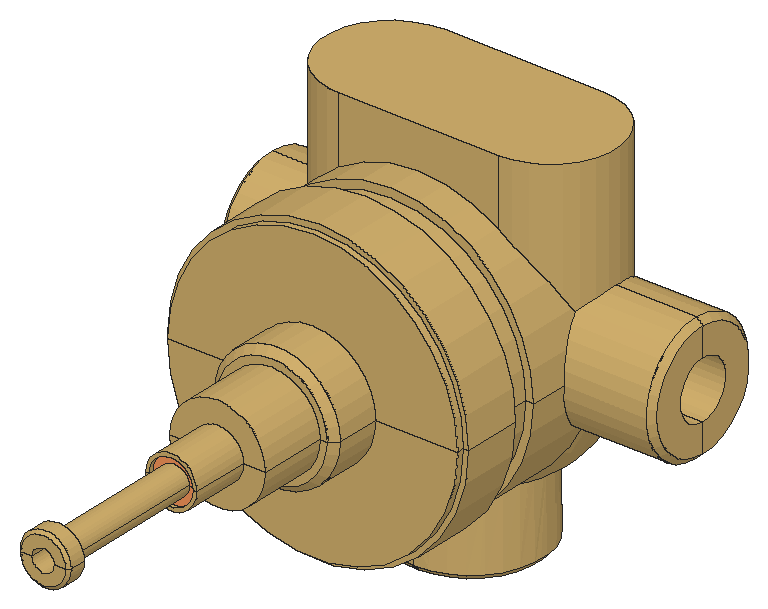
Revit family "Rough_In_Valve-GROHE-29712000", category Pipe Accessories, Revit 2014
Parameters (values of type "29712000")
  Width = 3 3/4"
  Waste Connection = no
  Warranty Information = "Limited Lifetime Warranty"
  WFU = 4
  Vent Connection = no
  URL = "https://www.grohe.us/"
  Tempered Water Connection Diameter = 1/2"
  Product Page URL = "https://www.grohe.us/en_us/concealed-body-multi-hole-3-port-rough-in-valve-29712000.html"
  Price = "Prices may vary. Please consult Manufacturer Representative for most up-to-date price list."  # constant formula
  Outlet Diameter = 3/4"
  Model = "29712000"
  Material = "Copper-Grohe-000-Brass"
  Manufacturer = "GROHE"
  Installation Type = "Wall Installation"
  IAPMO Compliance = "cUPC"
  Hot Water Connection Diameter = 1/2"
  Height = 3 7/16"
  HWFU = 3
  HW Connection = yes
  Flow Rate = "18.5 gpm at 45 psi"
  Description = "3-Port Rough-in Valve"
  Default Elevation = 0"
  Creation Date = "2017/05/08"  # constant formula
  Cold Water Connection Radius = 1/4"
  Cold Water Connection Diameter = Cold Water Connection Radius * 2  # 1/2"
  CWFU = 2
  CW Connection = yes
  Assembly Code = "D2020"
Reference planes (in)
  plane 1 "Center (Front/Back)": y = 0
  plane 2: z = 0
  plane 3 "Center (Left/Right)": x = 0
  plane 4: z = 1.59375
  plane 5: z = -1.84375
Forms (in)
  Revolve 1, solid, material "Copper-Grohe-000-Brass"
    sketch origin (0, 7.65146, 0) x (-1, 0, 0) y (0, -1, 0)
      loop
        line (0, 10.87888) -> (0, 7.65146) -> (1.23437, 7.65146) -> (1.23437, 8.51467) -> (1.16032, 8.51467) -> (1.16032, 8.7956) -> (1.29823, 8.7956) -> (1.29823, 9.2956) -> (1.25, 9.2956) -> (1.25, 9.3581) -> (0.54227, 9.3581) -> (0.54227, 9.73388) -> (0.4797, 9.79646) -> (0.41326, 9.79646) -> (0.41326, 10.37888) -> (0.22015, 10.37888) -> (0.22015, 10.87888) -> (0.1889, 10.87888) -> (0.1889, 10.84763) -> (0.12746, 10.84763) -> (0.12746, 12.09757) -> (0.22015, 12.09757) -> (0.22015, 12.23274) -> (0.19365, 12.25925) -> (0.09621, 12.25925) -> (0.09621, 10.87888) -> (0, 10.87888)
      axis (0, 12.25925) -> (0, 7.65146)
    angle from 0 to 360
  Sweep 2, solid, material "Copper-Grohe-000-Brass"
    path origin (0, 0, 0) x (1, 0, 0) y (0, 0, 1)
      loop
        line (1.25, 1.59375) -> (1.25, -0.06398)
        arc (1.25, -0.06398) -> (0, -1.31398) -> (-1.25, -0.06398) r 1.25
        line (-1.25, -0.06398) -> (-1.25, 1.59375)
    profile origin (-1.25, 0, 0.76489) x (-1, 0, 0) y (0, -1, 0)
      loop
        line (-0.75, -0.5625) -> (-0.5625, -0.5625)
        arc (-0.5625, -0.5625) -> (0, 0) -> (-0.5625, 0.5625) r 0.5625
        line (-0.5625, 0.5625) -> (-0.75, 0.5625) -> (-0.75, -0.5625)
  Revolve 3, solid, material "Copper-Grohe-000-Brass"
    sketch origin (0, 0, 0) x (1, 0, 0) y (0, 0, 1)
      loop
        line (2, -0.25) -> (-1.75, -0.25) -> (-1.75, -0.5) -> (-1.70514, -0.54486) -> (1.94832, -0.54486) -> (2, -0.49318) -> (2, -0.25)
      axis (-1.75, 0) -> (2, 0)
    angle from 0 to 360
  Extrusion 4, solid, material "Copper-Grohe-000-Brass"
    sketch origin (0, 0, 0) x (1, 0, 0) y (0, 0, 1)
      loop
        line (0.5, 1.59375) -> (-0.5, 1.59375) -> (-0.5, -0.06398)
        arc (-0.5, -0.06398) -> (0, -0.56398) -> (0.5, -0.06398) r 0.5
        line (0.5, -0.06398) -> (0.5, 1.59375)
    from -0.5625 to 0.5625
  Revolve 5, solid, material "Copper-Grohe-000-Brass"
    sketch origin (0, 0, 0) x (0, 1, 0) y (0, 0, 1)
      loop
        line (0.375, -1.84375) -> (0.56349, -1.84375) -> (0.61517, -1.79207)
        arc (0.61517, -1.79207) -> (0.61699, -1.30256) -> (0.57889, -0.81453) r 5.99735
        arc (0.57889, -0.81453) -> (0.55338, -0.52887) -> (0.54486, -0.24219) r 4.83102
        line (0.54486, -0.24219) -> (0.54486, 0) -> (0.375, 0) -> (0.375, -1.84375)
      axis (0, 0) -> (0, -1.84375)
    angle from 0 to 360
Cuts and joins
  joined: Revolve 1, Sweep 2, Revolve 3, Extrusion 4, Revolve 5
Lines and regions (in)
  Masking region 1
    outline origin (0, 0, 0) x (1, 0, 0) y (0, 1, 0)
      loop
        line (-1.23437, -0.86322) -> (-1.16032, -0.86322) -> (-1.16032, -1.14415) -> (-1.29823, -1.14415) -> (-1.29823, -1.64415) -> (-1.25, -1.64415) -> (-1.25, -1.70665) -> (-0.54227, -1.70665) -> (-0.54227, -2.08243) -> (-0.4797, -2.145) -> (-0.41326, -2.145) -> (-0.41326, -2.72742) -> (-0.22015, -2.72742) -> (-0.22015, -3.22742) -> (-0.12746, -3.22742) -> (-0.12746, -4.44611) -> (-0.22015, -4.44611) -> (-0.22015, -4.58129) -> (-0.19365, -4.60779) -> (0.19365, -4.60779) -> (0.22015, -4.58129) -> (0.22015, -4.44611) -> (0.12746, -4.44611) -> (0.12746, -3.22742) -> (0.22015, -3.22742) -> (0.22015, -2.72742) -> (0.41326, -2.72742) -> (0.41326, -2.145) -> (0.4797, -2.145) -> (0.54227, -2.08243) -> (0.54227, -1.70665) -> (1.25, -1.70665) -> (1.25, -1.64415) -> (1.29823, -1.64415) -> (1.29823, -1.14415) -> (1.16032, -1.14415) -> (1.16032, -0.86322) -> (1.23437, -0.86322) -> (1.23437, -0.54488) -> (1.9483, -0.54488) -> (2, -0.49318) -> (2, 0.49318) -> (1.9483, 0.54488) -> (0.82718, 0.54488)
        arc (0.82718, 0.54488) -> (0.7579, 0.55808) -> (0.6875, 0.5625) r 0.5625
        line (0.6875, 0.5625) -> (0.26293, 0.5625)
        arc (0.26293, 0.5625) -> (0, 0.62152) -> (-0.26293, 0.5625) r 0.61517
        line (-0.26293, 0.5625) -> (-0.6875, 0.5625)
        arc (-0.6875, 0.5625) -> (-0.7579, 0.55808) -> (-0.82718, 0.54488) r 0.5625
        line (-0.82718, 0.54488) -> (-1.70512, 0.54488) -> (-1.75, 0.5) -> (-1.75, -0.5) -> (-1.70512, -0.54488) -> (-1.23437, -0.54488) -> (-1.23437, -0.86322)
  symbolic lines, detail levels medium+fine
    curve 1: line (-0.12746, -4.44611, 0) -> (0.12746, -4.44611, 0)
    curve 2: line (-0.22015, -2.72742, 0) -> (0.22015, -2.72742, 0)
    curve 3: line (-0.12746, -3.22742, 0) -> (0.12746, -3.22742, 0)
    curve 4: line (-0.54227, -1.70665, 0) -> (0.54227, -1.70665, 0)
    curve 5: line (-1.16032, -1.14415, 0) -> (1.16032, -1.14415, 0)
    curve 6: arc (-0.6875, -0.5625, 0) -> (-1.24558, -0.0704, 0) -> (-0.82718, 0.54488, 0) r 0.5625
    curve 7: line (-0.6875, -0.5625, 0) -> (0.6875, -0.5625, 0)
    curve 8: arc (0.6875, -0.5625, 0) -> (1.24558, -0.0704, 0) -> (0.82718, 0.54488, 0) r 0.5625
    curve 9: spline (-1.2345, -0.54521, 0) -> (-1.23342, -0.54287, 0) -> (-1.23119, -0.53722, 0) -> (-1.22782, -0.5283, 0) -> (-1.22333, -0.51616, 0) -> (-1.21775, -0.50089, 0) -> (-1.21112, -0.48258, 0) -> (-1.20348, -0.46135, 0) -> (-1.19487, -0.43735, 0) -> (-1.18536, -0.41072, 0) -> (-1.17501, -0.38164, 0) -> (-1.16387, -0.35029, 0) -> (-1.15204, -0.31688, 0)
    curve 10: spline (1.2345, -0.54521, 0) -> (1.23342, -0.54287, 0) -> (1.23119, -0.53722, 0) -> (1.22782, -0.5283, 0) -> (1.22333, -0.51616, 0) -> (1.21775, -0.50089, 0) -> (1.21112, -0.48258, 0) -> (1.20348, -0.46135, 0) -> (1.19487, -0.43735, 0) -> (1.18536, -0.41072, 0) -> (1.17501, -0.38164, 0) -> (1.16387, -0.35029, 0) -> (1.15204, -0.31688, 0)
    curve 11: line (-0.41326, -2.145, 0) -> (0.41326, -2.145, 0)
  symbolic lines, detail levels fine
    curve 12: line (-1.25, -1.64415, 0) -> (1.25, -1.64415, 0)
    curve 13: line (0.54227, -2.08243, 0) -> (-0.54227, -2.08243, 0)
    curve 14: line (-1.70514, -0.54486, 0) -> (-1.70514, 0.54486, 0)
    curve 15: line (1.9483, 0.54488, 0) -> (1.9483, -0.54488, 0)
    curve 16: line (-1.16032, -0.86322, 0) -> (1.16032, -0.86322, 0)
Connectors (in)
  piping at (2, 0, 0), diameter 0.5, driven by "Cold Water Connection Diameter", driven by "CWFU"
    settings: on cut or joined group of Revolve 1, Sweep 2, Revolve 3, Extrusion 4, Revolve 5, index 4, connector inside diameter 24", connector length 0", flow factor 0, pipe flow 0 GPM, pressure drop 0.00 psi, fitting loss kfactor 0, connector angle 0.00°, fixture units 2, engagement length 0", angle of deflection 0.00°, flow configuration 3, flow direction 1, fitting loss method 0, system type 20, joint type 0, gender type 0, connector reference index -1, connector utility 0, adjustable connector no, is connector primary yes, connector description "1/2\" NPT-FIP CW Supply Inlet"
  piping at (-1.75, 0, 0), diameter 0.5, driven by "Hot Water Connection Diameter", driven by "HWFU"
    settings: on cut or joined group of Revolve 1, Sweep 2, Revolve 3, Extrusion 4, Revolve 5, index 5, connector inside diameter 24", connector length 0", flow factor 0, pipe flow 0 GPM, pressure drop 0.00 psi, fitting loss kfactor 0, connector angle 0.00°, fixture units 3, engagement length 0", angle of deflection 0.00°, flow configuration 3, flow direction 1, fitting loss method 0, system type 19, joint type 0, gender type 0, connector reference index -1, connector utility 0, adjustable connector no, is connector primary no, connector description "1/2\" NPT-FIP HW Supply Inlet"
  piping at (0, 0, -1.84375), diameter 0.75, driven by "Outlet Diameter"
    settings: on cut or joined group of Revolve 1, Sweep 2, Revolve 3, Extrusion 4, Revolve 5, index 6, connector inside diameter 24", connector length 0", flow factor 0, pipe flow 0 GPM, pressure drop 0.00 psi, fitting loss kfactor 0, connector angle 0.00°, fixture units 0, engagement length 0", angle of deflection 0.00°, flow configuration 0, flow direction 2, fitting loss method 0, system type 29, joint type 0, gender type 0, connector reference index -1, connector utility 0, adjustable connector no, is connector primary no, connector description "3/4\" NPT-FIP Outlet"
